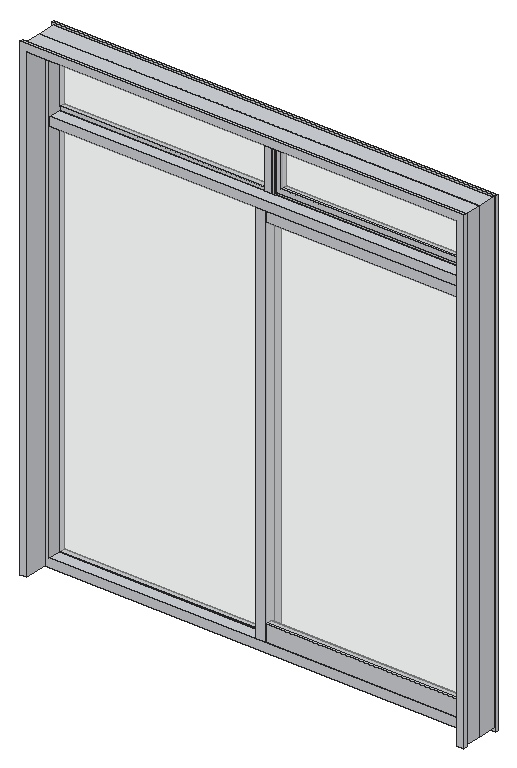
Revit family "APL Residential Thermal Heart Sliding Door SF with Overlight", category Doors, host Wall, Revit 2017 (continued)
Definition of nested family "APL Residential Thermal Heart Sliding Door SF Horizontal Section"
  Definition of nested family "Interlocker"
    Definition of nested family "65500_Interlocker Stile"
      Lines and regions (mm)
        model lines, in view "Ref. Level"
          curve 231: arc (-30.259, 24.829, 0) -> (-30.138, 24.535, 0) -> (-30.098, 24.22, 0) r 1.2
          curve 232: arc (-30.098, 24.22, 0) -> (-30.151, 24.045, 0) -> (-30.295, 23.934, 0) r 0.3
          curve 233: arc (-32.735, 23.046, 0) -> (-32.925, 22.899, 0) -> (-32.998, 22.67, 0) r 0.4
          curve 234: arc (-32.998, 17.03, 0) -> (-32.925, 16.801, 0) -> (-32.735, 16.654, 0) r 0.4
          curve 235: arc (-30.295, 15.766, 0) -> (-30.151, 15.655, 0) -> (-30.098, 15.48, 0) r 0.3
          curve 236: arc (-30.098, 15.48, 0) -> (-30.138, 15.165, 0) -> (-30.259, 14.871, 0) r 1.2
          curve 237: arc (-31.144, 13.343, 0) -> (-31.184, 13.246, 0) -> (-31.198, 13.143, 0) r 0.4
          curve 238: arc (-31.198, 12.85, 0) -> (-31.081, 12.567, 0) -> (-30.798, 12.45, 0) r 0.4
          curve 239: line (-26.998, 12.85, 0) -> (-26.998, 13.143, 0)
          curve 240: line (-27.052, 13.343, 0) -> (-27.936, 14.871, 0)
          curve 241: line (-28.098, 15.472, 0) -> (-28.098, 16.395, 0)
          curve 242: line (-28.756, 17.334, 0) -> (-30.935, 18.127, 0)
          curve 243: line (-31.198, 18.503, 0) -> (-31.198, 21.197, 0)
          curve 244: line (-30.935, 21.573, 0) -> (-28.756, 22.366, 0)
          curve 245: line (-28.098, 23.305, 0) -> (-28.098, 24.228, 0)
          curve 246: line (-27.936, 24.829, 0) -> (-27.052, 26.357, 0)
          curve 247: line (-26.998, 26.557, 0) -> (-26.998, 26.85, 0)
          curve 248: line (-27.398, 27.25, 0) -> (-30.798, 27.25, 0)
          curve 249: line (-31.198, 26.85, 0) -> (-31.198, 26.557, 0)
          curve 250: line (-31.144, 26.357, 0) -> (-30.259, 24.829, 0)
          curve 251: line (-30.295, 23.934, 0) -> (-32.735, 23.046, 0)
          curve 252: line (-32.998, 22.67, 0) -> (-32.998, 17.03, 0)
          curve 253: line (-32.735, 16.654, 0) -> (-30.295, 15.766, 0)
          curve 254: line (-30.259, 14.871, 0) -> (-31.144, 13.343, 0)
          curve 255: line (-31.198, 13.143, 0) -> (-31.198, 12.85, 0)
          curve 256: line (-30.798, 12.45, 0) -> (-27.398, 12.45, 0)
          curve 257: arc (-16.7, 4.122, 0) -> (-16.583, 3.839, 0) -> (-16.3, 3.722, 0) r 0.4
          curve 258: arc (-16.007, 3.722, 0) -> (-15.904, 3.736, 0) -> (-15.807, 3.776, 0) r 0.4
          curve 259: arc (-14.279, 4.66, 0) -> (-13.989, 4.781, 0) -> (-13.678, 4.822, 0) r 1.2
          curve 260: arc (-12.755, 4.822, 0) -> (-12.182, 5.003, 0) -> (-11.816, 5.48, 0) r 1
          curve 261: arc (-11.023, 7.659, 0) -> (-10.876, 7.849, 0) -> (-10.647, 7.922, 0) r 0.4
          curve 262: arc (-7.953, 7.922, 0) -> (-7.724, 7.849, 0) -> (-7.577, 7.659, 0) r 0.4
          curve 263: arc (-6.784, 5.48, 0) -> (-6.418, 5.003, 0) -> (-5.845, 4.822, 0) r 1
          curve 264: arc (-4.922, 4.822, 0) -> (-4.611, 4.781, 0) -> (-4.321, 4.66, 0) r 1.2
          curve 265: arc (-2.793, 3.776, 0) -> (-2.696, 3.736, 0) -> (-2.593, 3.722, 0) r 0.4
          curve 266: arc (-2.3, 3.722, 0) -> (-2.017, 3.839, 0) -> (-1.9, 4.122, 0) r 0.4
          curve 267: arc (-1.9, 7.522, 0) -> (-2.017, 7.805, 0) -> (-2.3, 7.922, 0) r 0.4
          curve 268: arc (-2.593, 7.922, 0) -> (-2.696, 7.908, 0) -> (-2.793, 7.868, 0) r 0.4
          curve 269: arc (-4.321, 6.983, 0) -> (-4.615, 6.862, 0) -> (-4.93, 6.822, 0) r 1.2
          curve 270: arc (-4.93, 6.822, 0) -> (-5.105, 6.875, 0) -> (-5.216, 7.019, 0) r 0.3
          curve 271: arc (-6.104, 9.459, 0) -> (-6.251, 9.649, 0) -> (-6.48, 9.722, 0) r 0.4
          curve 272: arc (-12.12, 9.722, 0) -> (-12.349, 9.649, 0) -> (-12.496, 9.459, 0) r 0.4
          curve 273: arc (-13.384, 7.019, 0) -> (-13.495, 6.875, 0) -> (-13.67, 6.822, 0) r 0.3
          curve 274: arc (-13.67, 6.822, 0) -> (-13.985, 6.862, 0) -> (-14.279, 6.983, 0) r 1.2
          curve 275: arc (-15.807, 7.868, 0) -> (-15.904, 7.908, 0) -> (-16.007, 7.922, 0) r 0.4
          curve 276: arc (-16.3, 7.922, 0) -> (-16.583, 7.805, 0) -> (-16.7, 7.522, 0) r 0.4
          curve 277: line (-16.3, 3.722, 0) -> (-16.007, 3.722, 0)
          curve 278: line (-15.807, 3.776, 0) -> (-14.279, 4.66, 0)
          curve 279: line (-13.678, 4.822, 0) -> (-12.755, 4.822, 0)
          curve 280: line (-11.816, 5.48, 0) -> (-11.023, 7.659, 0)
          curve 281: line (-10.647, 7.922, 0) -> (-7.953, 7.922, 0)
          curve 282: line (-7.577, 7.659, 0) -> (-6.784, 5.48, 0)
          curve 283: line (-5.845, 4.822, 0) -> (-4.922, 4.822, 0)
          curve 284: line (-4.321, 4.66, 0) -> (-2.793, 3.776, 0)
          curve 285: line (-2.593, 3.722, 0) -> (-2.3, 3.722, 0)
          curve 286: line (-1.9, 4.122, 0) -> (-1.9, 7.522, 0)
          curve 287: line (-2.3, 7.922, 0) -> (-2.593, 7.922, 0)
          curve 288: line (-2.793, 7.868, 0) -> (-4.321, 6.983, 0)
          curve 289: line (-5.216, 7.019, 0) -> (-6.104, 9.459, 0)
          curve 290: line (-6.48, 9.722, 0) -> (-12.12, 9.722, 0)
          curve 291: line (-12.496, 9.459, 0) -> (-13.384, 7.019, 0)
          curve 292: line (-14.279, 6.983, 0) -> (-15.807, 7.868, 0)
          curve 293: line (-16.007, 7.922, 0) -> (-16.3, 7.922, 0)
          curve 294: line (-16.7, 7.522, 0) -> (-16.7, 4.122, 0)
      Text (mm)
        text "65500" at (-34.845, 58.95, 0), in view "Ref. Level"
    Definition of nested family "65420_Interlocker Mullion"
      Reference planes
        plane 1 "Center (Front/Back)": y = 0
        plane 2: z = 0
        plane 3 "Center (Left/Right)": x = 0
      Lines and regions (mm)
        model lines, in view "Ref. Level"
          curve 1: arc (-24.6, 25.5, 0) -> (-24.746, 25.146, 0) -> (-25.1, 25, 0) r 0.5
          curve 2: arc (-27.45, 25, 0) -> (-27.668, 25.128, 0) -> (-27.663, 25.38, 0) r 0.25
          curve 3: arc (-27.611, 25.466, 0) -> (-27.479, 25.572, 0) -> (-27.309, 25.569, 0) r 0.25
          curve 4: arc (-26.544, 26.823, 0) -> (-26.511, 26.898, 0) -> (-26.5, 26.979, 0) r 0.3
          curve 5: arc (-26.5, 27.5, 0) -> (-26.578, 27.658, 0) -> (-26.75, 27.694, 0) r 0.2
          curve 6: arc (-30.753, 27.5, 0) -> (-30.875, 27.526, 0) -> (-30.976, 27.6, 0) r 0.3
          curve 7: arc (-30.976, 27.6, 0) -> (-31.307, 27.68, 0) -> (-31.5, 27.4, 0) r 0.3
          curve 8: arc (-30.957, 25.179, 0) -> (-30.905, 25.09, 0) -> (-30.816, 25.038, 0) r 0.2
          curve 9: arc (-30.648, 24.993, 0) -> (-30.507, 24.852, 0) -> (-30.559, 24.659, 0) r 0.2
          curve 10: arc (-30.922, 24.295, 0) -> (-31.008, 24.235, 0) -> (-31.108, 24.208, 0) r 0.3
          curve 11: arc (-33.474, 24.001, 0) -> (-33.738, 24.117, 0) -> (-33.782, 24.403, 0) r 0.3
          curve 12: arc (-33.268, 25.813, 0) -> (-33.181, 25.939, 0) -> (-33.043, 26.005, 0) r 0.3
          curve 13: arc (-33.043, 26.005, 0) -> (-32.801, 26.278, 0) -> (-33, 26.583, 0) r 0.3
          curve 14: arc (-33, 44.4, 0) -> (-33.059, 44.541, 0) -> (-33.2, 44.6, 0) r 0.2
          curve 15: arc (-44.5, 43.5, 0) -> (-44.793, 42.793, 0) -> (-45.5, 42.5, 0) r 1
          curve 16: arc (-46.25, 42.5, 0) -> (-46.749, 43, 0) -> (-46.25, 43.5, 0) r 0.5
          curve 17: arc (-50.25, 43.5, 0) -> (-49.749, 43, 0) -> (-50.25, 42.5, 0) r 0.5
          curve 18: arc (-51.8, 42.5, 0) -> (-51.941, 42.559, 0) -> (-52, 42.7, 0) r 0.2
          curve 19: arc (-52, 61.948, 0) -> (-51.854, 62.303, 0) -> (-51.5, 62.45, 0) r 0.5
          curve 20: arc (-49.183, 62.45, 0) -> (-48.878, 62.251, 0) -> (-48.605, 62.493, 0) r 0.3
          curve 21: arc (-48.605, 62.493, 0) -> (-48.539, 62.631, 0) -> (-48.413, 62.718, 0) r 0.3
          curve 22: arc (-47.003, 63.232, 0) -> (-46.717, 63.188, 0) -> (-46.601, 62.924, 0) r 0.3
          curve 23: arc (-46.808, 60.558, 0) -> (-46.835, 60.458, 0) -> (-46.895, 60.372, 0) r 0.3
          curve 24: arc (-47.259, 60.009, 0) -> (-47.452, 59.957, 0) -> (-47.593, 60.098, 0) r 0.2
          curve 25: arc (-47.638, 60.266, 0) -> (-47.69, 60.355, 0) -> (-47.779, 60.407, 0) r 0.2
          curve 26: arc (-50, 60.95, 0) -> (-50.28, 60.757, 0) -> (-50.2, 60.426, 0) r 0.3
          curve 27: arc (-50.2, 60.426, 0) -> (-50.126, 60.325, 0) -> (-50.1, 60.203, 0) r 0.3
          curve 28: arc (-50.294, 56.2, 0) -> (-50.258, 56.028, 0) -> (-50.1, 55.95, 0) r 0.2
          curve 29: arc (-49.579, 55.95, 0) -> (-49.498, 55.961, 0) -> (-49.423, 55.994, 0) r 0.3
          curve 30: arc (-48.169, 56.759, 0) -> (-48.172, 56.929, 0) -> (-48.066, 57.061, 0) r 0.25
          curve 31: arc (-47.98, 57.113, 0) -> (-47.728, 57.118, 0) -> (-47.6, 56.9, 0) r 0.25
          curve 32: arc (-47.6, 54.875, 0) -> (-47.626, 54.778, 0) -> (-47.696, 54.705, 0) r 0.2
          curve 33: arc (-50.261, 53.139, 0) -> (-50.436, 52.957, 0) -> (-50.5, 52.712, 0) r 0.5
          curve 34: arc (-50.5, 47, 0) -> (-50.354, 46.646, 0) -> (-50, 46.5, 0) r 0.5
          curve 35: arc (-45.5, 46.5, 0) -> (-44.986, 46.409, 0) -> (-44.533, 46.147, 0) r 1.5
          curve 36: arc (-33.2, 46.1, 0) -> (-31.998, 45.602, 0) -> (-31.5, 44.4, 0) r 1.7
          curve 37: line (-24.6, 27.5, 0) -> (-24.6, 25.5, 0)
          curve 38: line (-25.1, 25, 0) -> (-27.45, 25, 0)
          curve 39: line (-27.309, 25.569, 0) -> (-26.544, 26.823, 0)
          curve 40: line (-26.544, 26.823, 0) -> (-26.5, 27.5, 0)
          curve 41: line (-26.75, 27.694, 0) -> (-27.5, 27.5, 0)
          curve 42: line (-27.475, 27.506, 0) -> (-30.753, 27.5, 0)
          curve 43: line (-31.5, 27.246, 0) -> (-30.957, 25.179, 0)
          curve 44: line (-30.957, 25.179, 0) -> (-30.648, 24.993, 0)
          curve 45: line (-30.559, 24.659, 0) -> (-30.922, 24.295, 0)
          curve 46: line (-31.108, 24.208, 0) -> (-33.474, 24.001, 0)
          curve 47: line (-33.782, 24.403, 0) -> (-33.268, 25.813, 0)
          curve 48: line (-33, 26.583, 0) -> (-33, 33.5, 0)
          curve 49: line (-33, 33.5, 0) -> (-32.6, 33.9, 0)
          curve 50: line (-32.6, 33.9, 0) -> (-33, 34.3, 0)
          curve 51: line (-33, 34.3, 0) -> (-33, 44.4, 0)
          curve 52: line (-33.2, 44.6, 0) -> (-44.5, 44.6, 0)
          curve 53: line (-44.5, 44.6, 0) -> (-44.5, 43.5, 0)
          curve 54: line (-45.5, 42.5, 0) -> (-46.25, 42.5, 0)
          curve 55: line (-46.25, 43.5, 0) -> (-45.5, 43.5, 0)
          curve 56: line (-45.5, 43.5, 0) -> (-45.5, 45, 0)
          curve 57: line (-45.5, 45, 0) -> (-51, 45, 0)
          curve 58: line (-51, 45, 0) -> (-51, 43.5, 0)
          curve 59: line (-51, 43.5, 0) -> (-50.25, 43.5, 0)
          curve 60: line (-50.25, 42.5, 0) -> (-51.8, 42.5, 0)
          curve 61: line (-52, 42.7, 0) -> (-52, 61.948, 0)
          curve 62: line (-51.5, 62.45, 0) -> (-49.183, 62.45, 0)
          curve 63: line (-48.413, 62.718, 0) -> (-47.003, 63.232, 0)
          curve 64: line (-46.601, 62.924, 0) -> (-46.808, 60.558, 0)
          curve 65: line (-46.895, 60.372, 0) -> (-47.259, 60.009, 0)
          curve 66: line (-47.593, 60.098, 0) -> (-47.638, 60.266, 0)
          curve 67: line (-47.638, 60.266, 0) -> (-49.768, 60.94, 0)
          curve 68: line (-49.768, 60.94, 0) -> (-50, 60.95, 0)
          curve 69: line (-50.1, 60.203, 0) -> (-50.1, 56.975, 0)
          curve 70: line (-50.1, 56.975, 0) -> (-50.294, 56.2, 0)
          curve 71: line (-50.1, 55.95, 0) -> (-49.579, 55.95, 0)
          curve 72: line (-49.579, 55.95, 0) -> (-48.169, 56.759, 0)
          curve 73: line (-47.6, 56.9, 0) -> (-47.6, 54.875, 0)
          curve 74: line (-47.696, 54.705, 0) -> (-50.261, 53.139, 0)
          curve 75: line (-50.5, 52.712, 0) -> (-50.5, 47, 0)
          curve 76: line (-50, 46.5, 0) -> (-45.5, 46.5, 0)
          curve 77: line (-44.405, 46.1, 0) -> (-33.2, 46.1, 0)
          curve 78: line (-31.5, 44.4, 0) -> (-31.5, 37.486, 0)
          curve 79: arc (-31.5, 37.486, 0) -> (-31.229, 37.041, 0) -> (-30.71, 37.078, 0) r 0.5
          curve 80: arc (-30.71, 37.078, 0) -> (-28.151, 37.789, 0) -> (-25.73, 36.695, 0) r 3.9
          curve 81: arc (-25.73, 36.695, 0) -> (-25.713, 35.422, 0) -> (-26.985, 35.405, 0) r 0.9
          curve 82: arc (-26.985, 35.405, 0) -> (-28.45, 36, 0) -> (-29.915, 35.405, 0) r 2.1
          curve 83: arc (-29.915, 35.405, 0) -> (-30.077, 35.28, 0) -> (-30.264, 35.194, 0) r 0.9
          curve 84: arc (-30.264, 35.194, 0) -> (-30.436, 35.097, 0) -> (-30.557, 34.94, 0) r 0.5
          curve 85: arc (-30.557, 34.94, 0) -> (-30.8, 33.9, 0) -> (-30.557, 32.86, 0) r 2.35
          curve 86: arc (-30.557, 32.86, 0) -> (-30.436, 32.703, 0) -> (-30.264, 32.606, 0) r 0.5
          curve 87: arc (-30.264, 32.606, 0) -> (-30.077, 32.52, 0) -> (-29.915, 32.395, 0) r 0.9
          curve 88: arc (-29.915, 32.395, 0) -> (-28.45, 31.8, 0) -> (-26.985, 32.395, 0) r 2.1
          curve 89: arc (-26.985, 32.395, 0) -> (-25.713, 32.378, 0) -> (-25.73, 31.105, 0) r 0.9
          curve 90: arc (-25.73, 31.105, 0) -> (-26.113, 30.778, 0) -> (-26.534, 30.503, 0) r 3.9
          curve 91: arc (-26.534, 30.503, 0) -> (-26.781, 29.979, 0) -> (-26.368, 29.574, 0) r 0.5
          curve 92: arc (-26.368, 29.574, 0) -> (-25.102, 28.862, 0) -> (-24.6, 27.5, 0) r 2.1
          curve 93: arc (-35.3, 56.85, 0) -> (-35.417, 56.567, 0) -> (-35.7, 56.45, 0) r 0.4
          curve 94: arc (-35.993, 56.45, 0) -> (-36.096, 56.464, 0) -> (-36.193, 56.504, 0) r 0.4
          curve 95: arc (-37.721, 57.389, 0) -> (-38.011, 57.509, 0) -> (-38.322, 57.55, 0) r 1.2
          curve 96: arc (-39.245, 57.55, 0) -> (-39.818, 57.731, 0) -> (-40.184, 58.208, 0) r 1
          curve 97: arc (-40.977, 60.387, 0) -> (-41.124, 60.578, 0) -> (-41.353, 60.65, 0) r 0.4
          curve 98: arc (-44.047, 60.65, 0) -> (-44.276, 60.578, 0) -> (-44.423, 60.387, 0) r 0.4
          curve 99: arc (-45.216, 58.208, 0) -> (-45.582, 57.731, 0) -> (-46.155, 57.55, 0) r 1
          curve 100: arc (-47.078, 57.55, 0) -> (-47.389, 57.509, 0) -> (-47.679, 57.389, 0) r 1.2
          curve 101: arc (-49.207, 56.504, 0) -> (-49.304, 56.464, 0) -> (-49.407, 56.45, 0) r 0.4
          curve 102: arc (-49.7, 56.45, 0) -> (-49.983, 56.567, 0) -> (-50.1, 56.85, 0) r 0.4
          curve 103: arc (-50.1, 60.25, 0) -> (-49.983, 60.533, 0) -> (-49.7, 60.65, 0) r 0.4
          curve 104: arc (-49.407, 60.65, 0) -> (-49.304, 60.636, 0) -> (-49.207, 60.596, 0) r 0.4
          curve 105: arc (-47.679, 59.711, 0) -> (-47.385, 59.59, 0) -> (-47.07, 59.55, 0) r 1.2
          curve 106: arc (-47.07, 59.55, 0) -> (-46.895, 59.603, 0) -> (-46.784, 59.747, 0) r 0.3
          curve 107: arc (-45.896, 62.187, 0) -> (-45.749, 62.378, 0) -> (-45.52, 62.45, 0) r 0.4
          curve 108: arc (-39.88, 62.45, 0) -> (-39.651, 62.378, 0) -> (-39.504, 62.187, 0) r 0.4
          curve 109: arc (-38.616, 59.747, 0) -> (-38.505, 59.603, 0) -> (-38.33, 59.55, 0) r 0.3
          curve 110: arc (-38.33, 59.55, 0) -> (-38.015, 59.59, 0) -> (-37.721, 59.711, 0) r 1.2
          curve 111: arc (-36.193, 60.596, 0) -> (-36.096, 60.636, 0) -> (-35.993, 60.65, 0) r 0.4
          curve 112: arc (-35.7, 60.65, 0) -> (-35.417, 60.533, 0) -> (-35.3, 60.25, 0) r 0.4
          curve 113: line (-35.7, 56.45, 0) -> (-35.993, 56.45, 0)
          curve 114: line (-36.193, 56.504, 0) -> (-37.721, 57.389, 0)
          curve 115: line (-38.322, 57.55, 0) -> (-39.245, 57.55, 0)
          curve 116: line (-40.184, 58.208, 0) -> (-40.977, 60.387, 0)
          curve 117: line (-41.353, 60.65, 0) -> (-44.047, 60.65, 0)
          curve 118: line (-44.423, 60.387, 0) -> (-45.216, 58.208, 0)
          curve 119: line (-46.155, 57.55, 0) -> (-47.078, 57.55, 0)
          curve 120: line (-47.679, 57.389, 0) -> (-49.207, 56.504, 0)
          curve 121: line (-49.407, 56.45, 0) -> (-49.7, 56.45, 0)
          curve 122: line (-50.1, 56.85, 0) -> (-50.1, 60.25, 0)
          curve 123: line (-49.7, 60.65, 0) -> (-49.407, 60.65, 0)
          curve 124: line (-49.207, 60.596, 0) -> (-47.679, 59.711, 0)
          curve 125: line (-46.784, 59.747, 0) -> (-45.896, 62.187, 0)
          curve 126: line (-45.52, 62.45, 0) -> (-39.88, 62.45, 0)
          curve 127: line (-39.504, 62.187, 0) -> (-38.616, 59.747, 0)
          curve 128: line (-37.721, 59.711, 0) -> (-36.193, 60.596, 0)
          curve 129: line (-35.993, 60.65, 0) -> (-35.7, 60.65, 0)
          curve 130: line (-35.3, 60.25, 0) -> (-35.3, 56.85, 0)
          curve 131: arc (-27.4, 27.5, 0) -> (-27.117, 27.383, 0) -> (-27, 27.1, 0) r 0.4
          curve 132: arc (-27, 26.807, 0) -> (-27.014, 26.704, 0) -> (-27.054, 26.607, 0) r 0.4
          curve 133: arc (-27.939, 25.079, 0) -> (-28.059, 24.789, 0) -> (-28.1, 24.478, 0) r 1.2
          curve 134: arc (-28.1, 23.555, 0) -> (-28.281, 22.982, 0) -> (-28.758, 22.616, 0) r 1
          curve 135: arc (-30.937, 21.823, 0) -> (-31.128, 21.676, 0) -> (-31.2, 21.447, 0) r 0.4
          curve 136: arc (-31.2, 18.753, 0) -> (-31.128, 18.524, 0) -> (-30.937, 18.377, 0) r 0.4
          curve 137: arc (-28.758, 17.584, 0) -> (-28.281, 17.218, 0) -> (-28.1, 16.645, 0) r 1
          curve 138: arc (-28.1, 15.722, 0) -> (-28.059, 15.411, 0) -> (-27.939, 15.121, 0) r 1.2
          curve 139: arc (-27.054, 13.593, 0) -> (-27.014, 13.496, 0) -> (-27, 13.393, 0) r 0.4
          curve 140: arc (-27, 13.1, 0) -> (-27.117, 12.817, 0) -> (-27.4, 12.7, 0) r 0.4
          curve 141: arc (-30.8, 12.7, 0) -> (-31.083, 12.817, 0) -> (-31.2, 13.1, 0) r 0.4
          curve 142: arc (-31.2, 13.393, 0) -> (-31.186, 13.496, 0) -> (-31.146, 13.593, 0) r 0.4
          curve 143: arc (-30.261, 15.121, 0) -> (-30.14, 15.415, 0) -> (-30.1, 15.73, 0) r 1.2
          curve 144: arc (-30.1, 15.73, 0) -> (-30.153, 15.905, 0) -> (-30.297, 16.016, 0) r 0.3
          curve 145: arc (-32.737, 16.904, 0) -> (-32.928, 17.051, 0) -> (-33, 17.28, 0) r 0.4
          curve 146: arc (-33, 22.92, 0) -> (-32.928, 23.149, 0) -> (-32.737, 23.296, 0) r 0.4
          curve 147: arc (-30.297, 24.184, 0) -> (-30.153, 24.295, 0) -> (-30.1, 24.47, 0) r 0.3
          curve 148: arc (-30.1, 24.47, 0) -> (-30.14, 24.785, 0) -> (-30.261, 25.079, 0) r 1.2
          curve 149: arc (-31.146, 26.607, 0) -> (-31.186, 26.704, 0) -> (-31.2, 26.807, 0) r 0.4
          curve 150: arc (-31.2, 27.1, 0) -> (-31.083, 27.383, 0) -> (-30.8, 27.5, 0) r 0.4
          curve 151: line (-27, 27.1, 0) -> (-27, 26.807, 0)
          curve 152: line (-27.054, 26.607, 0) -> (-27.939, 25.079, 0)
          curve 153: line (-28.1, 24.478, 0) -> (-28.1, 23.555, 0)
          curve 154: line (-28.758, 22.616, 0) -> (-30.937, 21.823, 0)
          curve 155: line (-31.2, 21.447, 0) -> (-31.2, 18.753, 0)
          curve 156: line (-30.937, 18.377, 0) -> (-28.758, 17.584, 0)
          curve 157: line (-28.1, 16.645, 0) -> (-28.1, 15.722, 0)
          curve 158: line (-27.939, 15.121, 0) -> (-27.054, 13.593, 0)
          curve 159: line (-27, 13.393, 0) -> (-27, 13.1, 0)
          curve 160: line (-27.4, 12.7, 0) -> (-30.8, 12.7, 0)
          curve 161: line (-31.2, 13.1, 0) -> (-31.2, 13.393, 0)
          curve 162: line (-31.146, 13.593, 0) -> (-30.261, 15.121, 0)
          curve 163: line (-30.297, 16.016, 0) -> (-32.737, 16.904, 0)
          curve 164: line (-33, 17.28, 0) -> (-33, 22.92, 0)
          curve 165: line (-32.737, 23.296, 0) -> (-30.297, 24.184, 0)
          curve 166: line (-30.261, 25.079, 0) -> (-31.146, 26.607, 0)
          curve 167: line (-31.2, 26.807, 0) -> (-31.2, 27.1, 0)
          curve 168: line (-30.8, 27.5, 0) -> (-27.4, 27.5, 0)
          curve 169: arc (-21.001, 10.8, 0) -> (-21.707, 10.507, 0) -> (-22, 9.8, 0) r 1
          curve 170: arc (-22, 3.501, 0) -> (-21.707, 2.793, 0) -> (-21, 2.5, 0) r 1
          curve 171: arc (-2.8, 2.5, 0) -> (-2.093, 2.793, 0) -> (-1.8, 3.5, 0) r 1
          curve 172: arc (-1.8, 9.8, 0) -> (-2.093, 10.507, 0) -> (-2.8, 10.8, 0) r 1
          curve 173: arc (-2.656, 30.548, 0) -> (-2.153, 30.553, 0) -> (-1.9, 30.119, 0) r 0.5
          curve 174: arc (-1.9, 13.7, 0) -> (-2.193, 12.993, 0) -> (-2.9, 12.7, 0) r 1
          curve 175: arc (-24.1, 12.7, 0) -> (-24.454, 12.846, 0) -> (-24.6, 13.2, 0) r 0.5
          curve 176: arc (-24.6, 14.698, 0) -> (-24.746, 15.053, 0) -> (-25.1, 15.2, 0) r 0.5
          curve 177: arc (-27.449, 15.2, 0) -> (-27.668, 15.073, 0) -> (-27.663, 14.82, 0) r 0.25
          curve 178: arc (-27.611, 14.734, 0) -> (-27.479, 14.628, 0) -> (-27.309, 14.631, 0) r 0.25
          curve 179: arc (-26.544, 13.377, 0) -> (-26.511, 13.302, 0) -> (-26.5, 13.221, 0) r 0.3
          curve 180: arc (-26.5, 12.7, 0) -> (-26.578, 12.542, 0) -> (-26.75, 12.506, 0) r 0.2
          curve 181: arc (-30.753, 12.7, 0) -> (-30.875, 12.674, 0) -> (-30.976, 12.6, 0) r 0.3
          curve 182: arc (-30.976, 12.6, 0) -> (-31.307, 12.52, 0) -> (-31.5, 12.8, 0) r 0.3
          curve 183: arc (-30.957, 15.021, 0) -> (-30.905, 15.11, 0) -> (-30.816, 15.162, 0) r 0.2
          curve 184: arc (-30.648, 15.207, 0) -> (-30.507, 15.348, 0) -> (-30.559, 15.541, 0) r 0.2
          curve 185: arc (-30.922, 15.905, 0) -> (-31.008, 15.965, 0) -> (-31.108, 15.992, 0) r 0.3
          curve 186: arc (-33.474, 16.199, 0) -> (-33.738, 16.083, 0) -> (-33.782, 15.797, 0) r 0.3
          curve 187: arc (-33.268, 14.387, 0) -> (-33.181, 14.261, 0) -> (-33.043, 14.195, 0) r 0.3
          curve 188: arc (-33.043, 14.195, 0) -> (-32.801, 13.922, 0) -> (-33, 13.617, 0) r 0.3
          curve 189: arc (-33, 9.5, 0) -> (-32.941, 9.359, 0) -> (-32.8, 9.3, 0) r 0.2
          curve 190: arc (-32.5, 9.3, 0) -> (-32.2, 9.38, 0) -> (-31.98, 9.6, 0) r 0.6
          curve 191: arc (-31.345, 10.7, 0) -> (-31.272, 10.773, 0) -> (-31.172, 10.8, 0) r 0.2
          curve 192: arc (-25, 10.8, 0) -> (-24.293, 10.507, 0) -> (-24, 9.8, 0) r 1
          curve 193: arc (-24, 2.463, 0) -> (-24.286, 1.763, 0) -> (-24.98, 1.463, 0) r 1
          curve 194: arc (-31.935, 1.322, 0) -> (-32.052, 1.357, 0) -> (-32.127, 1.453, 0) r 0.2
          curve 195: arc (-32.127, 1.453, 0) -> (-32.234, 1.621, 0) -> (-32.403, 1.725, 0) r 0.45
          curve 196: arc (-32.403, 1.725, 0) -> (-32.522, 1.729, 0) -> (-32.621, 1.665, 0) r 0.2
          curve 197: arc (-33, 0.2, 0) -> (-32.941, 0.059, 0) -> (-32.8, 0, 0) r 0.2
          curve 198: arc (-0.5, 0, 0) -> (-0.146, 0.146, 0) -> (0, 0.5, 0) r 0.5
          curve 199: arc (0, 70.3, 0) -> (-0.059, 70.441, 0) -> (-0.2, 70.5, 0) r 0.2
          curve 200: arc (-0.8, 70.5, 0) -> (-0.941, 70.441, 0) -> (-1, 70.3, 0) r 0.2
          curve 201: arc (-1, 69.7, 0) -> (-1.059, 69.559, 0) -> (-1.2, 69.5, 0) r 0.2
          curve 202: arc (-8.75, 69.5, 0) -> (-9.25, 69, 0) -> (-8.75, 68.5, 0) r 0.5
          curve 203: arc (-7.85, 68.5, 0) -> (-7.709, 68.441, 0) -> (-7.65, 68.3, 0) r 0.2
          curve 204: arc (-7.65, 67.2, 0) -> (-7.709, 67.059, 0) -> (-7.85, 67, 0) r 0.2
          curve 205: arc (-15.15, 67, 0) -> (-15.291, 67.059, 0) -> (-15.35, 67.2, 0) r 0.2
          curve 206: arc (-15.35, 68.3, 0) -> (-15.291, 68.441, 0) -> (-15.15, 68.5, 0) r 0.2
          curve 207: arc (-14.25, 68.5, 0) -> (-13.75, 69, 0) -> (-14.25, 69.5, 0) r 0.5
          curve 208: arc (-14.85, 69.5, 0) -> (-15.204, 69.646, 0) -> (-15.35, 70, 0) r 0.5
          curve 209: arc (-15.35, 70, 0) -> (-15.496, 70.354, 0) -> (-15.85, 70.5, 0) r 0.5
          curve 210: arc (-30.65, 70.5, 0) -> (-31.399, 69.779, 0) -> (-30.709, 69.002, 0) r 0.75
          curve 211: arc (-20.534, 68.077, 0) -> (-20.403, 68.013, 0) -> (-20.35, 67.877, 0) r 0.2
          curve 212: arc (-20.35, 67.25, 0) -> (-19.85, 66.75, 0) -> (-19.35, 67.25, 0) r 0.5
          curve 213: arc (-19.35, 67.8, 0) -> (-19.291, 67.941, 0) -> (-19.15, 68, 0) r 0.2
          curve 214: arc (-18.05, 68, 0) -> (-17.909, 67.941, 0) -> (-17.85, 67.8, 0) r 0.2
          curve 215: arc (-17.85, 62.7, 0) -> (-17.909, 62.559, 0) -> (-18.05, 62.5, 0) r 0.2
          curve 216: arc (-19.15, 62.5, 0) -> (-19.291, 62.559, 0) -> (-19.35, 62.7, 0) r 0.2
          curve 217: arc (-19.35, 63.25, 0) -> (-19.85, 63.75, 0) -> (-20.35, 63.25, 0) r 0.5
          curve 218: arc (-20.35, 62.65, 0) -> (-20.409, 62.509, 0) -> (-20.55, 62.45, 0) r 0.2
          curve 219: arc (-36.217, 62.45, 0) -> (-36.522, 62.251, 0) -> (-36.795, 62.493, 0) r 0.3
          curve 220: arc (-36.795, 62.493, 0) -> (-36.861, 62.631, 0) -> (-36.987, 62.718, 0) r 0.3
          curve 221: arc (-38.397, 63.232, 0) -> (-38.683, 63.188, 0) -> (-38.799, 62.924, 0) r 0.3
          curve 222: arc (-38.592, 60.558, 0) -> (-38.565, 60.458, 0) -> (-38.505, 60.372, 0) r 0.3
          curve 223: arc (-38.141, 60.009, 0) -> (-37.948, 59.957, 0) -> (-37.807, 60.098, 0) r 0.2
          curve 224: arc (-37.762, 60.266, 0) -> (-37.71, 60.355, 0) -> (-37.621, 60.407, 0) r 0.2
          curve 225: arc (-35.4, 60.95, 0) -> (-35.12, 60.757, 0) -> (-35.2, 60.426, 0) r 0.3
          curve 226: arc (-35.2, 60.426, 0) -> (-35.274, 60.325, 0) -> (-35.3, 60.203, 0) r 0.3
          curve 227: arc (-35.106, 56.2, 0) -> (-35.142, 56.028, 0) -> (-35.3, 55.95, 0) r 0.2
          curve 228: arc (-35.821, 55.95, 0) -> (-35.902, 55.961, 0) -> (-35.977, 55.994, 0) r 0.3
          curve 229: arc (-37.231, 56.759, 0) -> (-37.228, 56.929, 0) -> (-37.334, 57.061, 0) r 0.25
          curve 230: arc (-37.42, 57.113, 0) -> (-37.672, 57.118, 0) -> (-37.8, 56.9, 0) r 0.25
          curve 231: arc (-37.8, 54.875, 0) -> (-37.774, 54.778, 0) -> (-37.704, 54.705, 0) r 0.2
          curve 232: arc (-36.751, 54.123, 0) -> (-36.626, 54.069, 0) -> (-36.491, 54.05, 0) r 0.5
          curve 233: arc (-33.9, 54.05, 0) -> (-33.546, 54.196, 0) -> (-33.4, 54.55, 0) r 0.5
          curve 234: arc (-33.4, 59.15, 0) -> (-33.254, 59.504, 0) -> (-32.9, 59.65, 0) r 0.5
          curve 235: arc (-17.952, 59.65, 0) -> (-16.112, 60.411, 0) -> (-15.35, 62.25, 0) r 2.6
          curve 236: arc (-15.35, 64, 0) -> (-15.291, 64.141, 0) -> (-15.15, 64.2, 0) r 0.2
          curve 237: arc (-7.85, 64.2, 0) -> (-6.162, 64.792, 0) -> (-5.215, 66.309, 0) r 2.7
          curve 238: arc (-5.215, 66.309, 0) -> (-5.04, 66.59, 0) -> (-4.727, 66.7, 0) r 0.5
          curve 239: arc (-2.4, 66.7, 0) -> (-2.046, 66.554, 0) -> (-1.9, 66.2, 0) r 0.5
          curve 240: line (-22, 9.8, 0) -> (-22, 3.501, 0)
          curve 241: line (-21, 2.5, 0) -> (-2.8, 2.5, 0)
          curve 242: line (-1.8, 3.5, 0) -> (-1.8, 9.8, 0)
          curve 243: line (-2.8, 10.8, 0) -> (-21.001, 10.8, 0)
          curve 244: line (-1.9, 30.119, 0) -> (-1.9, 13.7, 0)
          curve 245: line (-2.9, 12.7, 0) -> (-24.1, 12.7, 0)
          curve 246: line (-24.6, 13.2, 0) -> (-24.6, 14.698, 0)
          curve 247: line (-25.1, 15.2, 0) -> (-27.449, 15.2, 0)
          curve 248: line (-27.309, 14.631, 0) -> (-26.544, 13.377, 0)
          curve 249: line (-26.544, 13.377, 0) -> (-26.5, 12.7, 0)
          curve 250: line (-26.75, 12.506, 0) -> (-27.475, 12.694, 0)
          curve 251: line (-27.475, 12.694, 0) -> (-30.753, 12.7, 0)
          curve 252: line (-31.5, 12.954, 0) -> (-30.957, 15.021, 0)
          curve 253: line (-30.957, 15.021, 0) -> (-30.648, 15.207, 0)
          curve 254: line (-30.559, 15.541, 0) -> (-30.922, 15.905, 0)
          curve 255: line (-31.108, 15.992, 0) -> (-33.474, 16.199, 0)
          curve 256: line (-33.782, 15.797, 0) -> (-33.268, 14.387, 0)
          curve 257: line (-33, 13.617, 0) -> (-33, 9.5, 0)
          curve 258: line (-32.8, 9.3, 0) -> (-32.5, 9.3, 0)
          curve 259: line (-31.98, 9.6, 0) -> (-31.345, 10.7, 0)
          curve 260: line (-31.172, 10.8, 0) -> (-25, 10.8, 0)
          curve 261: line (-24, 9.8, 0) -> (-24, 2.463, 0)
          curve 262: line (-24.98, 1.463, 0) -> (-31.935, 1.322, 0)
          curve 263: line (-32.621, 1.665, 0) -> (-32.953, 1.269, 0)
          curve 264: line (-32.953, 1.269, 0) -> (-33, 0.2, 0)
          curve 265: line (-32.8, 0, 0) -> (-0.5, 0, 0)
          curve 266: line (0, 0.5, 0) -> (0, 70.3, 0)
          curve 267: line (-0.2, 70.5, 0) -> (-0.8, 70.5, 0)
          curve 268: line (-1, 70.3, 0) -> (-1, 69.7, 0)
          curve 269: line (-1.2, 69.5, 0) -> (-8.75, 69.5, 0)
          curve 270: line (-8.75, 68.5, 0) -> (-7.85, 68.5, 0)
          curve 271: line (-7.65, 68.3, 0) -> (-7.65, 67.2, 0)
          curve 272: line (-7.85, 67, 0) -> (-15.15, 67, 0)
          curve 273: line (-15.35, 67.2, 0) -> (-15.35, 68.3, 0)
          curve 274: line (-15.15, 68.5, 0) -> (-14.25, 68.5, 0)
          curve 275: line (-14.25, 69.5, 0) -> (-14.85, 69.5, 0)
          curve 276: line (-15.85, 70.5, 0) -> (-30.65, 70.5, 0)
          curve 277: line (-30.709, 69.002, 0) -> (-20.534, 68.077, 0)
          curve 278: line (-20.35, 67.877, 0) -> (-20.35, 67.25, 0)
          curve 279: line (-19.35, 67.25, 0) -> (-19.35, 67.8, 0)
          curve 280: line (-19.15, 68, 0) -> (-18.05, 68, 0)
          curve 281: line (-17.85, 67.8, 0) -> (-17.85, 62.7, 0)
          curve 282: line (-18.05, 62.5, 0) -> (-19.15, 62.5, 0)
          curve 283: line (-19.35, 62.7, 0) -> (-19.35, 63.25, 0)
          curve 284: line (-20.35, 63.25, 0) -> (-20.35, 62.65, 0)
          curve 285: line (-20.55, 62.45, 0) -> (-36.217, 62.45, 0)
          curve 286: line (-36.987, 62.718, 0) -> (-38.397, 63.232, 0)
          curve 287: line (-38.799, 62.924, 0) -> (-38.592, 60.558, 0)
          curve 288: line (-38.505, 60.372, 0) -> (-38.141, 60.009, 0)
          curve 289: line (-37.807, 60.098, 0) -> (-37.762, 60.266, 0)
          curve 290: line (-37.762, 60.266, 0) -> (-35.632, 60.94, 0)
          curve 291: line (-35.632, 60.94, 0) -> (-35.4, 60.95, 0)
          curve 292: line (-35.3, 60.203, 0) -> (-35.3, 56.975, 0)
          curve 293: line (-35.3, 56.975, 0) -> (-35.106, 56.2, 0)
          curve 294: line (-35.3, 55.95, 0) -> (-35.821, 55.95, 0)
          curve 295: line (-35.821, 55.95, 0) -> (-37.231, 56.759, 0)
          curve 296: line (-37.8, 56.9, 0) -> (-37.8, 54.875, 0)
          curve 297: line (-37.704, 54.705, 0) -> (-36.751, 54.123, 0)
          curve 298: line (-36.491, 54.05, 0) -> (-33.9, 54.05, 0)
          curve 299: line (-33.4, 54.55, 0) -> (-33.4, 59.15, 0)
          curve 300: line (-32.9, 59.65, 0) -> (-17.952, 59.65, 0)
          curve 301: line (-15.35, 62.25, 0) -> (-15.35, 64, 0)
          curve 302: line (-15.15, 64.2, 0) -> (-7.85, 64.2, 0)
          curve 303: line (-4.727, 66.7, 0) -> (-2.4, 66.7, 0)
          curve 304: line (-1.9, 66.2, 0) -> (-1.9, 37.681, 0)
          curve 305: arc (-1.9, 37.681, 0) -> (-2.153, 37.247, 0) -> (-2.656, 37.252, 0) r 0.5
          curve 306: arc (-2.656, 37.252, 0) -> (-5.107, 37.773, 0) -> (-7.37, 36.695, 0) r 3.9
          curve 307: arc (-7.37, 36.695, 0) -> (-7.387, 35.422, 0) -> (-6.115, 35.405, 0) r 0.9
          curve 308: arc (-6.115, 35.405, 0) -> (-4.65, 36, 0) -> (-3.185, 35.405, 0) r 2.1
          curve 309: arc (-3.185, 35.405, 0) -> (-3.023, 35.28, 0) -> (-2.836, 35.194, 0) r 0.9
          curve 310: arc (-2.836, 35.194, 0) -> (-2.664, 35.097, 0) -> (-2.543, 34.94, 0) r 0.5
          curve 311: arc (-2.543, 34.94, 0) -> (-2.3, 33.9, 0) -> (-2.543, 32.86, 0) r 2.35
          curve 312: arc (-2.543, 32.86, 0) -> (-2.664, 32.703, 0) -> (-2.836, 32.606, 0) r 0.5
          curve 313: arc (-2.836, 32.606, 0) -> (-3.023, 32.52, 0) -> (-3.185, 32.395, 0) r 0.9
          curve 314: arc (-3.185, 32.395, 0) -> (-4.65, 31.8, 0) -> (-6.115, 32.395, 0) r 2.1
          curve 315: arc (-6.115, 32.395, 0) -> (-7.387, 32.378, 0) -> (-7.37, 31.105, 0) r 0.9
          curve 316: arc (-7.37, 31.105, 0) -> (-5.107, 30.027, 0) -> (-2.656, 30.548, 0) r 3.9
      Text (mm)
        text "65420" at (-82.532, 21.092, 0), in view "Ref. Level"
  Definition of nested family "Jamb Fixed"
    Reference planes
      plane 1 "Center (Front/Back)": y = 0
      plane 2: z = 0
      plane 3 "Center (Left/Right)": x = 0
    Lines and regions (mm)
      detail lines, in view "Ref. Level"
        curve 1: arc (34.145, 40.782, 0) -> (34.004, 40.472, 0) -> (34.304, 40.309, 0) r 0.25
        curve 2: arc (44.192, 40.336, 0) -> (44.491, 40.498, 0) -> (44.351, 40.808, 0) r 0.25
        curve 3: line (34.304, 40.309, 0) -> (38.171, 41.303, 0)
        curve 4: line (38.171, 41.303, 0) -> (38.75, 40.3, 0)
        curve 5: line (38.75, 40.3, 0) -> (39.75, 40.3, 0)
        curve 6: line (39.75, 40.3, 0) -> (40.342, 41.325, 0)
        curve 7: line (40.342, 41.325, 0) -> (44.192, 40.336, 0)
        curve 8: line (44.351, 40.808, 0) -> (40.25, 42.532, 0)
        curve 9: line (40.25, 42.532, 0) -> (40.25, 43.8, 0)
        curve 10: line (40.25, 43.8, 0) -> (41.5, 43.8, 0)
        curve 11: line (41.5, 43.8, 0) -> (41.5, 44.8, 0)
        curve 12: line (41.5, 44.8, 0) -> (37, 44.8, 0)
        curve 13: line (37, 44.8, 0) -> (37, 43.8, 0)
        curve 14: line (37, 43.8, 0) -> (38.25, 43.8, 0)
        curve 15: line (38.25, 43.8, 0) -> (38.25, 42.508, 0)
        curve 16: line (38.25, 42.508, 0) -> (34.145, 40.782, 0)
      detail lines, in view "Ref. Level", not visible
        curve 17: arc (33.161, -9.933, 0) -> (32.851, -9.793, 0) -> (32.689, -10.092, 0) r 0.25
        curve 18: arc (32.715, -19.98, 0) -> (32.877, -20.279, 0) -> (33.188, -20.139, 0) r 0.25
        curve 19: line (32.689, -10.092, 0) -> (33.683, -13.959, 0)
        curve 20: line (33.683, -13.959, 0) -> (32.679, -14.539, 0)
        curve 21: line (32.679, -14.539, 0) -> (32.679, -15.539, 0)
        curve 22: line (32.679, -15.539, 0) -> (33.705, -16.131, 0)
        curve 23: line (33.705, -16.131, 0) -> (32.715, -19.98, 0)
        curve 24: line (33.188, -20.139, 0) -> (34.912, -16.039, 0)
        curve 25: line (34.912, -16.039, 0) -> (36.179, -16.039, 0)
        curve 26: line (36.179, -16.039, 0) -> (36.179, -17.289, 0)
        curve 27: line (36.179, -17.289, 0) -> (37.179, -17.289, 0)
        curve 28: line (37.179, -17.289, 0) -> (37.179, -12.789, 0)
        curve 29: line (37.179, -12.789, 0) -> (36.179, -12.789, 0)
        curve 30: line (36.179, -12.789, 0) -> (36.179, -14.039, 0)
        curve 31: line (36.179, -14.039, 0) -> (34.887, -14.039, 0)
        curve 32: line (34.887, -14.039, 0) -> (33.161, -9.933, 0)
    Nested families
      nested 1: "65400_Jamb Fixed" at (43, 0, 0) x (0, 1, 0) z (0, 0, 1), type "65400_Jamb Fixed", in view "Ref. Level"
      nested 2: "65585_Infill" at (43, 110.375, 0) x (0, -1, 0) z (0, 0, 1), type "65585_Infill", in view "Ref. Level"
    Definition of nested family "65400_Jamb Fixed"
      Reference planes
        plane 1 "Center (Front/Back)": y = 0
        plane 2: z = 0
        plane 3 "Center (Left/Right)": x = 0
      Lines and regions (mm)
        detail lines, in view "Ref. Level"
          curve 1: arc (46.1, 18.8, 0) -> (45.602, 20.002, 0) -> (44.4, 20.5, 0) r 1.7
          curve 2: arc (29.9, 20.5, 0) -> (29.546, 20.646, 0) -> (29.4, 21, 0) r 0.5
          curve 3: arc (29.4, 34.099, 0) -> (29.546, 34.453, 0) -> (29.9, 34.6, 0) r 0.5
          curve 4: arc (36.605, 34.6, 0) -> (37.013, 34.521, 0) -> (37.363, 34.296, 0) r 1.1
          curve 5: arc (37.363, 34.296, 0) -> (38.199, 33.684, 0) -> (39.189, 33.379, 0) r 3.126
          curve 6: arc (62.286, 32.2, 0) -> (62.738, 31.881, 0) -> (63.285, 31.958, 0) r 0.75
          curve 7: arc (63.285, 31.958, 0) -> (64.2, 32.2, 0) -> (65.115, 31.958, 0) r 1.85
          curve 8: arc (65.115, 31.958, 0) -> (65.281, 31.888, 0) -> (65.459, 31.86, 0) r 0.75
          curve 9: arc (65.459, 31.86, 0) -> (65.663, 31.808, 0) -> (65.828, 31.676, 0) r 0.5
          curve 10: arc (65.828, 31.676, 0) -> (66.3, 30.35, 0) -> (65.828, 29.024, 0) r 2.1
          curve 11: arc (65.828, 29.024, 0) -> (65.663, 28.892, 0) -> (65.459, 28.84, 0) r 0.5
          curve 12: arc (65.459, 28.84, 0) -> (65.281, 28.812, 0) -> (65.115, 28.742, 0) r 0.75
          curve 13: arc (65.115, 28.742, 0) -> (63.721, 28.563, 0) -> (62.604, 29.415, 0) r 1.85
          curve 14: arc (62.604, 29.415, 0) -> (61.577, 29.683, 0) -> (61.309, 28.657, 0) r 0.75
          curve 15: arc (61.309, 28.657, 0) -> (62.349, 27.558, 0) -> (63.765, 27.028, 0) r 3.35
          curve 16: arc (63.765, 27.028, 0) -> (64.076, 26.862, 0) -> (64.2, 26.533, 0) r 0.5
          curve 17: arc (64.2, 17.483, 0) -> (64.489, 15.565, 0) -> (65.33, 13.818, 0) r 6.5
          curve 18: arc (65.33, 13.818, 0) -> (65.978, 12.474, 0) -> (66.2, 11, 0) r 5
          curve 19: arc (66.2, 1.9, 0) -> (66.054, 1.546, 0) -> (65.7, 1.4, 0) r 0.5
          curve 20: arc (47, 1.4, 0) -> (46.646, 1.546, 0) -> (46.5, 1.9, 0) r 0.5
          curve 21: arc (46.5, 6.5, 0) -> (46.396, 7.048, 0) -> (46.1, 7.52, 0) r 1.5
          curve 22: arc (24.183, 34.774, 0) -> (24.053, 34.838, 0) -> (24, 34.973, 0) r 0.2
          curve 23: arc (24.399, 37.321, 0) -> (24.668, 37.608, 0) -> (25.06, 37.613, 0) r 0.5
          curve 24: arc (25.06, 37.613, 0) -> (25.236, 37.7, 0) -> (25.42, 37.633, 0) r 0.25
          curve 25: arc (25.42, 37.633, 0) -> (25.563, 37.502, 0) -> (25.569, 37.309, 0) r 0.25
          curve 26: arc (26.823, 36.544, 0) -> (26.898, 36.511, 0) -> (26.979, 36.5, 0) r 0.3
          curve 27: arc (27.5, 36.5, 0) -> (27.658, 36.578, 0) -> (27.694, 36.75, 0) r 0.2
          curve 28: arc (27.5, 40.753, 0) -> (27.526, 40.875, 0) -> (27.6, 40.976, 0) r 0.3
          curve 29: arc (27.6, 40.976, 0) -> (27.664, 41.343, 0) -> (27.322, 41.49, 0) r 0.3
          curve 30: arc (25.179, 40.957, 0) -> (25.09, 40.905, 0) -> (25.038, 40.816, 0) r 0.2
          curve 31: arc (24.993, 40.648, 0) -> (24.852, 40.507, 0) -> (24.659, 40.559, 0) r 0.2
          curve 32: arc (24.295, 40.922, 0) -> (24.235, 41.008, 0) -> (24.208, 41.108, 0) r 0.3
          curve 33: arc (24.001, 43.474, 0) -> (24.117, 43.738, 0) -> (24.403, 43.782, 0) r 0.3
          curve 34: arc (25.813, 43.268, 0) -> (25.939, 43.181, 0) -> (26.005, 43.043, 0) r 0.3
          curve 35: arc (26.005, 43.043, 0) -> (26.278, 42.801, 0) -> (26.583, 43, 0) r 0.3
          curve 36: arc (28.9, 43, 0) -> (29.254, 42.854, 0) -> (29.4, 42.5, 0) r 0.5
          curve 37: arc (29.4, 36.9, 0) -> (29.546, 36.546, 0) -> (29.9, 36.4, 0) r 0.499
          curve 38: arc (37.767, 36.4, 0) -> (38.931, 36.165, 0) -> (39.913, 35.497, 0) r 2.996
          curve 39: arc (39.913, 35.497, 0) -> (40.232, 35.27, 0) -> (40.611, 35.169, 0) r 1.1
          curve 40: arc (68.1, 34.1, 0) -> (68.241, 34.159, 0) -> (68.3, 34.3, 0) r 0.2
          curve 41: arc (68.3, 42.5, 0) -> (68.446, 42.854, 0) -> (68.8, 43, 0) r 0.5
          curve 42: arc (71.117, 43, 0) -> (71.422, 42.801, 0) -> (71.695, 43.043, 0) r 0.3
          curve 43: arc (71.695, 43.043, 0) -> (71.761, 43.181, 0) -> (71.887, 43.268, 0) r 0.3
          curve 44: arc (73.297, 43.782, 0) -> (73.583, 43.738, 0) -> (73.699, 43.474, 0) r 0.3
          curve 45: arc (73.492, 41.108, 0) -> (73.465, 41.008, 0) -> (73.405, 40.922, 0) r 0.3
          curve 46: arc (73.041, 40.559, 0) -> (72.848, 40.507, 0) -> (72.707, 40.648, 0) r 0.2
          curve 47: arc (72.662, 40.816, 0) -> (72.61, 40.905, 0) -> (72.521, 40.957, 0) r 0.2
          curve 48: arc (70.378, 41.49, 0) -> (70.036, 41.343, 0) -> (70.1, 40.976, 0) r 0.3
          curve 49: arc (70.1, 40.976, 0) -> (70.174, 40.875, 0) -> (70.2, 40.753, 0) r 0.3
          curve 50: arc (70.006, 36.75, 0) -> (70.042, 36.578, 0) -> (70.2, 36.5, 0) r 0.2
          curve 51: arc (70.721, 36.5, 0) -> (70.802, 36.511, 0) -> (70.877, 36.544, 0) r 0.3
          curve 52: arc (72.131, 37.309, 0) -> (72.137, 37.502, 0) -> (72.28, 37.633, 0) r 0.25
          curve 53: arc (72.28, 37.633, 0) -> (72.55, 37.679, 0) -> (72.7, 37.45, 0) r 0.25
          curve 54: arc (72.7, 35.876, 0) -> (72.618, 35.478, 0) -> (72.385, 35.146, 0) r 1
          curve 55: arc (72.385, 35.146, 0) -> (72.322, 35, 0) -> (72.385, 34.854, 0) r 0.2
          curve 56: arc (72.385, 34.854, 0) -> (72.618, 34.523, 0) -> (72.7, 34.126, 0) r 1
          curve 57: arc (72.7, 32.551, 0) -> (72.573, 32.332, 0) -> (72.32, 32.337, 0) r 0.25
          curve 58: arc (72.234, 32.389, 0) -> (72.128, 32.521, 0) -> (72.131, 32.691, 0) r 0.25
          curve 59: arc (70.877, 33.456, 0) -> (70.802, 33.489, 0) -> (70.721, 33.5, 0) r 0.3
          curve 60: arc (70.2, 33.5, 0) -> (70.042, 33.422, 0) -> (70.006, 33.25, 0) r 0.2
          curve 61: arc (70.2, 29.247, 0) -> (70.174, 29.124, 0) -> (70.1, 29.024, 0) r 0.3
          curve 62: arc (70.1, 29.024, 0) -> (70.02, 28.693, 0) -> (70.3, 28.5, 0) r 0.3
          curve 63: arc (72.521, 29.043, 0) -> (72.61, 29.095, 0) -> (72.662, 29.184, 0) r 0.2
          curve 64: arc (72.707, 29.352, 0) -> (72.848, 29.493, 0) -> (73.041, 29.441, 0) r 0.2
          curve 65: arc (73.405, 29.078, 0) -> (73.465, 28.992, 0) -> (73.492, 28.892, 0) r 0.3
          curve 66: arc (73.699, 26.526, 0) -> (73.583, 26.262, 0) -> (73.297, 26.218, 0) r 0.3
          curve 67: arc (71.887, 26.732, 0) -> (71.761, 26.819, 0) -> (71.695, 26.957, 0) r 0.3
          curve 68: arc (71.695, 26.957, 0) -> (71.422, 27.199, 0) -> (71.117, 27, 0) r 0.3
          curve 69: arc (66.201, 27, 0) -> (65.847, 26.854, 0) -> (65.7, 26.5, 0) r 0.5
          curve 70: arc (65.7, 17.481, 0) -> (65.922, 16.006, 0) -> (66.57, 14.663, 0) r 5
          curve 71: arc (66.57, 14.663, 0) -> (67.411, 12.917, 0) -> (67.7, 11, 0) r 6.5
          curve 72: arc (67.7, 9.9, 0) -> (67.759, 9.759, 0) -> (67.9, 9.7, 0) r 0.2
          curve 73: arc (69.3, 9.7, 0) -> (69.441, 9.759, 0) -> (69.5, 9.9, 0) r 0.2
          curve 74: arc (69.5, 10.2, 0) -> (70, 10.701, 0) -> (70.5, 10.2, 0) r 0.5
          curve 75: arc (70.5, 7.649, 0) -> (69.999, 7.15, 0) -> (69.5, 7.65, 0) r 0.5
          curve 76: arc (69.5, 8.5, 0) -> (69.441, 8.641, 0) -> (69.3, 8.7, 0) r 0.2
          curve 77: arc (67.9, 8.7, 0) -> (67.759, 8.641, 0) -> (67.7, 8.5, 0) r 0.2
          curve 78: arc (67.7, 1.2, 0) -> (67.759, 1.059, 0) -> (67.9, 1, 0) r 0.2
          curve 79: arc (69.3, 1, 0) -> (69.441, 1.059, 0) -> (69.5, 1.2, 0) r 0.2
          curve 80: arc (69.5, 2.05, 0) -> (70, 2.551, 0) -> (70.5, 2.05, 0) r 0.5
          curve 81: arc (70.5, 0.501, 0) -> (70.354, 0.147, 0) -> (70, 0, 0) r 0.5
          curve 82: arc (42.7, 0, 0) -> (42.559, 0.059, 0) -> (42.5, 0.2, 0) r 0.2
          curve 83: arc (42.5, 1.75, 0) -> (43, 2.251, 0) -> (43.5, 1.75, 0) r 0.5
          curve 84: arc (43.5, 1.2, 0) -> (43.559, 1.059, 0) -> (43.7, 1, 0) r 0.2
          curve 85: arc (44.8, 1, 0) -> (44.941, 1.059, 0) -> (45, 1.2, 0) r 0.2
          curve 86: arc (45, 6.3, 0) -> (44.941, 6.441, 0) -> (44.8, 6.5, 0) r 0.2
          curve 87: arc (43.7, 6.5, 0) -> (43.559, 6.441, 0) -> (43.5, 6.3, 0) r 0.2
          curve 88: arc (43.5, 5.75, 0) -> (43, 5.251, 0) -> (42.5, 5.75, 0) r 0.5
          curve 89: arc (42.5, 6.5, 0) -> (42.793, 7.207, 0) -> (43.5, 7.5, 0) r 1
          curve 90: arc (44.395, 7.5, 0) -> (44.539, 7.557, 0) -> (44.6, 7.7, 0) r 0.202
          curve 91: arc (44.6, 18.8, 0) -> (44.538, 18.942, 0) -> (44.395, 19, 0) r 0.205
          curve 92: arc (26.583, 19, 0) -> (26.278, 19.199, 0) -> (26.005, 18.957, 0) r 0.3
          curve 93: arc (26.005, 18.957, 0) -> (25.939, 18.819, 0) -> (25.813, 18.732, 0) r 0.3
          curve 94: arc (24.403, 18.218, 0) -> (24.117, 18.262, 0) -> (24.001, 18.526, 0) r 0.3
          curve 95: arc (24.208, 20.892, 0) -> (24.235, 20.992, 0) -> (24.295, 21.078, 0) r 0.3
          curve 96: arc (24.659, 21.441, 0) -> (24.852, 21.493, 0) -> (24.993, 21.352, 0) r 0.2
          curve 97: arc (25.038, 21.184, 0) -> (25.09, 21.095, 0) -> (25.179, 21.043, 0) r 0.2
          curve 98: arc (27.322, 20.51, 0) -> (27.664, 20.657, 0) -> (27.6, 21.024, 0) r 0.3
          curve 99: arc (27.6, 21.024, 0) -> (27.526, 21.125, 0) -> (27.5, 21.247, 0) r 0.3
          curve 100: arc (27.694, 25.25, 0) -> (27.658, 25.422, 0) -> (27.5, 25.5, 0) r 0.2
          curve 101: arc (26.979, 25.5, 0) -> (26.898, 25.489, 0) -> (26.823, 25.456, 0) r 0.3
          curve 102: arc (25.569, 24.691, 0) -> (25.563, 24.498, 0) -> (25.42, 24.367, 0) r 0.25
          curve 103: arc (25.42, 24.367, 0) -> (25.15, 24.321, 0) -> (25, 24.55, 0) r 0.25
          curve 104: arc (25, 26.126, 0) -> (25.128, 26.615, 0) -> (25.479, 26.979, 0) r 1
          curve 105: line (46.1, 7.52, 0) -> (46.1, 18.8, 0)
          curve 106: line (44.4, 20.5, 0) -> (29.9, 20.5, 0)
          curve 107: line (29.4, 21, 0) -> (29.4, 34.099, 0)
          curve 108: line (29.9, 34.6, 0) -> (36.605, 34.6, 0)
          curve 109: line (39.189, 33.379, 0) -> (53.629, 32.2, 0)
          curve 110: line (53.629, 32.2, 0) -> (62.286, 32.2, 0)
          curve 111: line (64.2, 26.533, 0) -> (64.2, 17.483, 0)
          curve 112: line (66.2, 11, 0) -> (66.2, 1.9, 0)
          curve 113: line (65.7, 1.4, 0) -> (47, 1.4, 0)
          curve 114: line (46.5, 1.9, 0) -> (46.5, 6.5, 0)
          curve 115: line (27.317, 34.499, 0) -> (24.183, 34.774, 0)
          curve 116: line (24, 34.973, 0) -> (24, 36.224, 0)
          curve 117: line (24, 36.224, 0) -> (24.399, 37.321, 0)
          curve 118: line (25.569, 37.309, 0) -> (26.823, 36.544, 0)
          curve 119: line (26.979, 36.5, 0) -> (27.5, 36.5, 0)
          curve 120: line (27.694, 36.75, 0) -> (27.5, 37.5, 0)
          curve 121: line (27.5, 37.525, 0) -> (27.5, 40.753, 0)
          curve 122: line (27.312, 41.528, 0) -> (25.179, 40.957, 0)
          curve 123: line (25.038, 40.816, 0) -> (24.993, 40.648, 0)
          curve 124: line (24.659, 40.559, 0) -> (24.295, 40.922, 0)
          curve 125: line (24.208, 41.108, 0) -> (24.001, 43.474, 0)
          curve 126: line (24.403, 43.782, 0) -> (25.813, 43.268, 0)
          curve 127: line (26.583, 43, 0) -> (28.9, 43, 0)
          curve 128: line (29.4, 42.5, 0) -> (29.4, 36.9, 0)
          curve 129: line (29.9, 36.4, 0) -> (33.5, 36.4, 0)
          curve 130: line (33.5, 36.4, 0) -> (33.9, 36, 0)
          curve 131: line (33.9, 36, 0) -> (34.3, 36.4, 0)
          curve 132: line (34.3, 36.4, 0) -> (37.767, 36.4, 0)
          curve 133: line (40.611, 35.169, 0) -> (53.707, 34.1, 0)
          curve 134: line (53.707, 34.1, 0) -> (58.307, 34.1, 0)
          curve 135: line (58.307, 34.1, 0) -> (58.707, 33.7, 0)
          curve 136: line (58.707, 33.7, 0) -> (59.107, 34.1, 0)
          curve 137: line (59.107, 34.1, 0) -> (68.1, 34.1, 0)
          curve 138: line (68.3, 34.3, 0) -> (68.3, 42.5, 0)
          curve 139: line (68.8, 43, 0) -> (71.117, 43, 0)
          curve 140: line (71.887, 43.268, 0) -> (73.297, 43.782, 0)
          curve 141: line (73.699, 43.474, 0) -> (73.492, 41.108, 0)
          curve 142: line (73.405, 40.922, 0) -> (73.041, 40.559, 0)
          curve 143: line (72.707, 40.648, 0) -> (72.662, 40.816, 0)
          curve 144: line (72.521, 40.957, 0) -> (70.388, 41.528, 0)
          curve 145: line (70.2, 40.753, 0) -> (70.2, 37.525, 0)
          curve 146: line (70.2, 37.5, 0) -> (70.006, 36.75, 0)
          curve 147: line (70.2, 36.5, 0) -> (70.721, 36.5, 0)
          curve 148: line (70.877, 36.544, 0) -> (72.131, 37.309, 0)
          curve 149: line (72.7, 37.45, 0) -> (72.7, 35.876, 0)
          curve 150: line (72.7, 34.126, 0) -> (72.7, 32.551, 0)
          curve 151: line (72.131, 32.691, 0) -> (70.877, 33.456, 0)
          curve 152: line (70.721, 33.5, 0) -> (70.2, 33.5, 0)
          curve 153: line (70.006, 33.25, 0) -> (70.2, 32.5, 0)
          curve 154: line (70.2, 32.475, 0) -> (70.2, 29.247, 0)
          curve 155: line (70.532, 28.51, 0) -> (72.521, 29.043, 0)
          curve 156: line (72.662, 29.184, 0) -> (72.707, 29.352, 0)
          curve 157: line (73.041, 29.441, 0) -> (73.405, 29.078, 0)
          curve 158: line (73.492, 28.892, 0) -> (73.699, 26.526, 0)
          curve 159: line (73.297, 26.218, 0) -> (71.887, 26.732, 0)
          curve 160: line (71.117, 27, 0) -> (66.201, 27, 0)
          curve 161: line (65.7, 26.5, 0) -> (65.7, 17.481, 0)
          curve 162: line (67.7, 11, 0) -> (67.7, 9.9, 0)
          curve 163: line (67.9, 9.7, 0) -> (69.3, 9.7, 0)
          curve 164: line (69.5, 9.9, 0) -> (69.5, 10.2, 0)
          curve 165: line (70.5, 10.2, 0) -> (70.5, 7.649, 0)
          curve 166: line (69.5, 7.65, 0) -> (69.5, 8.5, 0)
          curve 167: line (69.3, 8.7, 0) -> (67.9, 8.7, 0)
          curve 168: line (67.7, 8.5, 0) -> (67.7, 1.2, 0)
          curve 169: line (67.9, 1, 0) -> (69.3, 1, 0)
          curve 170: line (69.5, 1.2, 0) -> (69.5, 2.05, 0)
          curve 171: line (70.5, 2.05, 0) -> (70.5, 0.501, 0)
          curve 172: line (70, 0, 0) -> (42.7, 0, 0)
          curve 173: line (42.5, 0.2, 0) -> (42.5, 1.75, 0)
          curve 174: line (43.5, 1.75, 0) -> (43.5, 1.2, 0)
          curve 175: line (43.7, 1, 0) -> (44.8, 1, 0)
          curve 176: line (45, 1.2, 0) -> (45, 6.3, 0)
          curve 177: line (44.8, 6.5, 0) -> (43.7, 6.5, 0)
          curve 178: line (43.5, 6.3, 0) -> (43.5, 5.75, 0)
          curve 179: line (42.5, 5.75, 0) -> (42.5, 6.5, 0)
          curve 180: line (43.5, 7.5, 0) -> (44.395, 7.5, 0)
          curve 181: line (44.6, 7.7, 0) -> (44.6, 18.8, 0)
          curve 182: line (44.395, 19, 0) -> (34.3, 19, 0)
          curve 183: line (34.3, 19, 0) -> (33.9, 19.4, 0)
          curve 184: line (33.9, 19.4, 0) -> (33.5, 19, 0)
          curve 185: line (33.5, 19, 0) -> (26.583, 19, 0)
          curve 186: line (25.813, 18.732, 0) -> (24.403, 18.218, 0)
          curve 187: line (24.001, 18.526, 0) -> (24.208, 20.892, 0)
          curve 188: line (24.295, 21.078, 0) -> (24.659, 21.441, 0)
          curve 189: line (24.993, 21.352, 0) -> (25.038, 21.184, 0)
          curve 190: line (25.179, 21.043, 0) -> (27.312, 20.472, 0)
          curve 191: line (27.5, 21.247, 0) -> (27.5, 24.475, 0)
          curve 192: line (27.5, 24.5, 0) -> (27.694, 25.25, 0)
          curve 193: line (27.5, 25.5, 0) -> (26.979, 25.5, 0)
          curve 194: line (26.823, 25.456, 0) -> (25.569, 24.691, 0)
          curve 195: line (25, 24.55, 0) -> (25, 26.126, 0)
          curve 196: line (25.479, 26.979, 0) -> (26.284, 27.471, 0)
          curve 197: line (26.389, 27.5, 0) -> (27.5, 27.5, 0)
          curve 198: line (27.5, 27.5, 0) -> (27.5, 34.3, 0)
          curve 199: arc (27.5, 34.3, 0) -> (27.447, 34.435, 0) -> (27.317, 34.499, 0) r 0.2
          curve 200: arc (70.2, 32.6, 0) -> (70.317, 32.883, 0) -> (70.6, 33, 0) r 0.4
          curve 201: arc (70.893, 33, 0) -> (70.996, 32.986, 0) -> (71.093, 32.946, 0) r 0.4
          curve 202: arc (72.621, 32.061, 0) -> (72.911, 31.941, 0) -> (73.222, 31.9, 0) r 1.2
          curve 203: arc (74.145, 31.9, 0) -> (74.718, 31.719, 0) -> (75.084, 31.242, 0) r 1
          curve 204: arc (75.877, 29.063, 0) -> (76.024, 28.872, 0) -> (76.253, 28.8, 0) r 0.4
          curve 205: arc (78.947, 28.8, 0) -> (79.176, 28.872, 0) -> (79.323, 29.063, 0) r 0.4
          curve 206: arc (80.116, 31.242, 0) -> (80.482, 31.719, 0) -> (81.055, 31.9, 0) r 1
          curve 207: arc (81.978, 31.9, 0) -> (82.289, 31.941, 0) -> (82.579, 32.061, 0) r 1.2
          curve 208: arc (84.107, 32.946, 0) -> (84.204, 32.986, 0) -> (84.307, 33, 0) r 0.4
          curve 209: arc (84.6, 33, 0) -> (84.883, 32.883, 0) -> (85, 32.6, 0) r 0.4
          curve 210: arc (85, 29.2, 0) -> (84.883, 28.917, 0) -> (84.6, 28.8, 0) r 0.4
          curve 211: arc (84.307, 28.8, 0) -> (84.204, 28.814, 0) -> (84.107, 28.854, 0) r 0.4
          curve 212: arc (82.579, 29.739, 0) -> (82.285, 29.86, 0) -> (81.97, 29.9, 0) r 1.2
          curve 213: arc (81.97, 29.9, 0) -> (81.795, 29.847, 0) -> (81.684, 29.703, 0) r 0.3
          curve 214: arc (80.796, 27.263, 0) -> (80.649, 27.072, 0) -> (80.42, 27, 0) r 0.4
          curve 215: arc (74.78, 27, 0) -> (74.551, 27.072, 0) -> (74.404, 27.263, 0) r 0.4
          curve 216: arc (73.516, 29.703, 0) -> (73.405, 29.847, 0) -> (73.23, 29.9, 0) r 0.3
